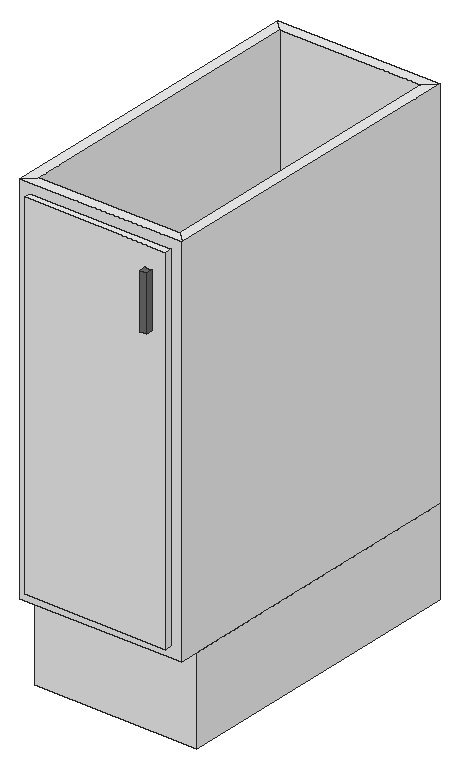
Revit family "Base Cabinet-Single Door w Sliding Drawers (M)", category 케이스워크, Revit 2026
Family settings
  작업 기준면 기반 = 아니오
  항상 수직 = 예
  로드될 때 보이드를 사용하여 절단 = 아니오
  공유 = 아니오
  룸 계산 점 = 아니오
Parameters (values of type "0300mm")
  기본 높이 = 0 mm
  Cabinet Material = none
  깊이 = 600 mm
  Door/Drawer Material = none
  Handle Material = Cabinets - Handles
  높이 = 860 mm
  Plinth Depth = 35 mm
  Plinth Height = 160 mm
  폭 = 300 mm
Reference planes
  plane 1 "Back": y = 0
  plane 2: z = 0
  plane 3 "Center": x = 18.738
  plane 4 "Left": x = -131.262
  plane 5 "Right": x = 168.738
  plane 6 "Front": y = -600
  plane 7 "Top": z = 860
  plane 8: y = -565
  plane 9: z = 160
  plane 10: z = 840.95
  plane 11: z = 179.05
  plane 12: x = -112.212
  plane 13: x = 149.688
  plane 14: z = 802.85
  plane 15: z = 701.25
  plane 16: x = 124.288
  plane 17: x = 111.588
  plane 18: z = 510
Forms (mm)
  Extrusion 1, solid, material <- "Cabinet Material"
    sketch origin (0, 0, 0) x (1, 0, 0) y (0, 1, 0)
      loop
        line (-131.262, 0) -> (-131.262, -565) -> (168.738, -565) -> (168.738, 0) -> (-131.262, 0)
    from 0 to 160
  Sweep 2, solid, material <- "Cabinet Material"
    path origin (0, 0, 0) x (1, 0, 0) y (0, 1, 0)
      loop
        line (168.738, 0) -> (-131.262, 0) -> (-131.262, -600) -> (168.738, -600) -> (168.738, 0)
    profile origin (0, -300, 0) x (1, 0, 0) y (0, 0, 1)
      loop
        line (168.738, 160) -> (168.738, 860) -> (149.688, 860) -> (149.688, 160) -> (168.738, 160)
  Extrusion 3, solid, material <- "Cabinet Material"
    sketch origin (0, 0, 0) x (1, 0, 0) y (0, 1, 0)
      loop
        line (-112.212, -19.05) -> (-112.212, -580.95) -> (149.688, -580.95) -> (149.688, -19.05) -> (-112.212, -19.05)
    from 179.05 to 160
  Extrusion 4, solid, material <- "Door/Drawer Material"
    sketch origin (0, -600, 0) x (1, 0, 0) y (0, 0, 1)
      loop
        line (-112.212, 840.95) -> (-112.212, 179.05) -> (149.688, 179.05) -> (149.688, 840.95) -> (-112.212, 840.95)
    from 0 to 12.7
  Extrusion 5, solid, material "Cabinets - Handles" <- "Handle Material"
    sketch origin (0, -600, 0) x (1, 0, 0) y (0, 0, 1)
      loop
        line (111.588, 802.85) -> (111.588, 701.25) -> (124.288, 701.25) -> (124.288, 802.85) -> (111.588, 802.85)
    from 12.7 to 25.4
Lines and regions (mm)
  symbolic lines, style "Plan Rep - Below"
    curve 1: line (168.738, -600, 0) -> (-131.262, -600, 0)
    curve 2: line (168.738, 0, 0) -> (168.738, -600, 0)
    curve 3: line (-131.262, 0, 0) -> (168.738, 0, 0)
    curve 4: line (-131.262, -600, 0) -> (-131.262, 0, 0)
  model lines
    curve 5: line (-112.212, -600, 840.95) -> (149.688, -600, 840.95)
    curve 6: line (149.688, -600, 179.05) -> (-112.212, -600, 179.05)
    curve 7: line (149.688, -600, 840.95) -> (149.688, -600, 179.05)
    curve 8: line (-112.212, -600, 179.05) -> (-112.212, -600, 840.95)
    curve 9: line (111.588, -600, 802.85) -> (124.288, -600, 802.85)
    curve 10: line (111.588, -600, 701.25) -> (111.588, -600, 802.85)
    curve 11: line (124.288, -600, 701.25) -> (111.588, -600, 701.25)
    curve 12: line (124.288, -600, 802.85) -> (124.288, -600, 701.25)
  symbolic lines, style "Elevation Swing"
    curve 13: line (149.688, 0, 840.95) -> (-112.212, 0, 510)
    curve 14: line (-112.212, 0, 510) -> (149.688, 0, 179.05)
Dimensions and locks
  "깊이": plane 6 "Front" to plane 1 "Back"
  "폭": plane 4 "Left" to plane 5 "Right"
  equal spacing: plane 4 "Left", plane 3 "Center", plane 5 "Right"
  "높이": level to plane 7 "Top"
  "Plinth Height": plane 2 to plane 9
  "Plinth Depth": plane 6 "Front" to plane 8
  locked: plane 4 "Left" to plane 12 at 19.05
  locked: plane 13 to plane 5 "Right" at 19.05
  locked: plane 7 "Top" to plane 10 at 19.05
  locked: plane 11 to plane 9 at 19.05
  locked: plane 14 to plane 15 at 101.6
  plane 17 to plane 16 to plane 13 = 12.7 mm locked, 25.4 mm locked
  locked: plane 10 to plane 14 at 38.1
  equal spacing: plane 10, plane 18, plane 11
  aligned and locked: plane 1 "Back" to Extrusion 1 sketch curve
  aligned and locked: Extrusion 1 sketch curve to plane 5 "Right"
  aligned and locked: Extrusion 1 sketch curve to plane 8
  aligned and locked: plane 4 "Left" to Extrusion 1 sketch curve
  aligned and locked: Extrusion 1 to level
  aligned and locked: Sweep 2 sketch curve to plane 6 "Front"
  aligned and locked: plane 1 "Back" to Sweep 2 sketch curve
  aligned and locked: Sweep 2 sketch curve to plane 5 "Right"  (x2)
  aligned and locked: plane 4 "Left" to Sweep 2 sketch curve
  aligned and locked: plane 7 "Top" to Sweep 2 sketch curve
  aligned and locked: Sweep 2 sketch curve to plane 9
  aligned and locked: Sweep 2 to Extrusion 3 sketch curve  (x2)
  aligned and locked: Extrusion 3 sketch curve to Sweep 2  (x2)
  aligned and locked: Extrusion 3 to plane 11
  aligned and locked: plane 9 to Extrusion 3
  aligned and locked: Extrusion 1 to plane 9
Automatic sketch dimensions
  profile plane to Sweep 2 sketch curve = 19.05 mm
  curve 1 to plane 4 "Left" = 0 mm
  curve 3 to plane 1 "Back" = 0 mm
  curve 3 to plane 5 "Right" = 0 mm
  curve 1 to plane 6 "Front" = 0 mm
  Extrusion 4 sketch curve to plane 11 = 0 mm
  Extrusion 4 sketch curve to plane 12 = 0 mm
  Extrusion 4 sketch curve to plane 13 = 0 mm
  Extrusion 4 sketch curve to plane 10 = 0 mm
  Extrusion 5 sketch curve to plane 15 = 0 mm
  Extrusion 5 sketch curve to plane 17 = 0 mm
  Extrusion 5 sketch curve to plane 16 = 0 mm
  Extrusion 5 sketch curve to plane 14 = 0 mm
  curve 13 to plane 10 = 0 mm
  curve 13 to plane 13 = 0 mm
  curve 5 to plane 10 = 0 mm
  curve 5 to plane 13 = 0 mm
  curve 14 to plane 11 = 0 mm
  curve 14 to plane 13 = 0 mm
  curve 12 to plane 15 = 0 mm
  curve 12 to plane 16 = 0 mm
  curve 10 to plane 14 = 0 mm
  curve 10 to plane 17 = 0 mm
  curve 8 to plane 12 = 0 mm
  curve 14 to plane 12 = 0 mm
  curve 13 to plane 18 = 0 mm
  curve 6 to plane 11 = 0 mm
